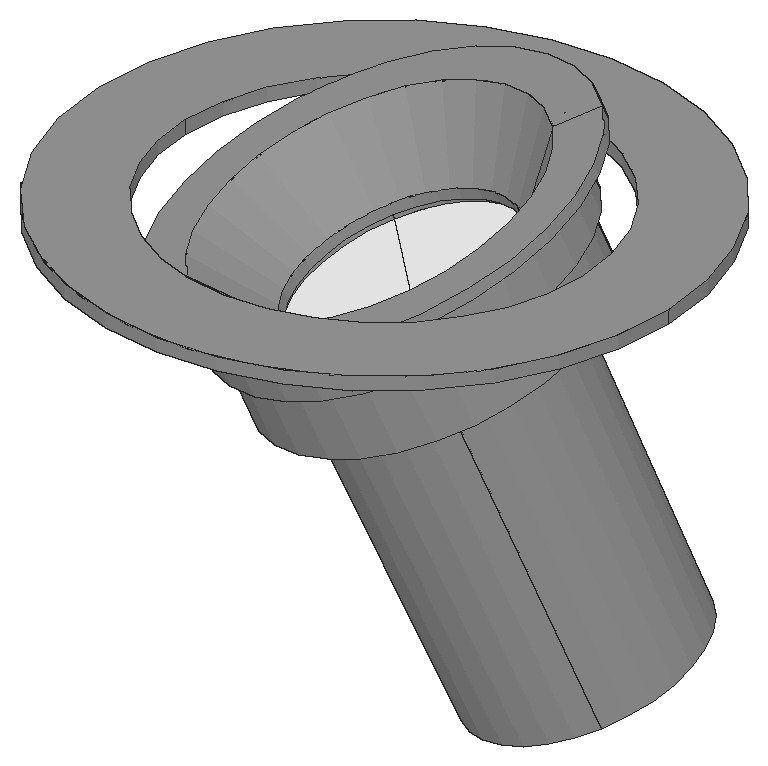
Revit family "0005316", category Lighting Fixtures, host Face, Revit 2017
Family settings
  Host = Face
  Round Connector Dimension = Use Diameter
  Part Type = Normal
  OmniClass Number = 23.80.70.00
  OmniClass Title = Lighting
  Cut with Voids When Loaded = No
  Light Source = No
  Shared = No
  Room Calculation Point = No
Parameters (values of type "0005316+0005301 Ludospot 50 Hous Rnd 110 Tilt WHT BLK+ Ludospot 50 950lm 930 NB DIM")
  Weight = "n/a"
  Wattage Comments = ""
  WarrantyStartDate [instance] = "n/a"
  WarrantyGuarantorParts = "n/a"
  WarrantyDurationUnit = "n/a"
  WarrantyDurationParts = "n/a"
  WarrantyDescription = "n/a"
  WallThickness_SYL = 2 mm
  Voltage = 0 V
  VerticalRotationMid_SYL [instance] = 112.00°
  URL = "http://www.sylvania-lighting.com"
  TypeName = "Ludospot 50 Hous Rnd 110 Tilt WHT BLK + Ludospot 50 950lm 930 NB DIM"
  TypeLamp_SYL = Ludospot 50 Modules : 0005301 Ludospot 50 950lm 930 NB DIM
  Type Image = <None>
  Type Comments = "n/a"
  TrimWidth_SYL = 55 mm
  TrimHeight_SYL = 2.5 mm
  SerialNumber [instance] = "n/a"
  RecessWidth_SYL = 45 mm
  RecessDepth_SYL = 100 mm
  RadiusTrim_SYL = 3 mm
  Material_3_SYL = none
  PowerFactor = 0
  PowerConsumption = "n/a"
  NominalLength = 110 mm
  NominalHeight = 0 mm
  NominalDepth = 110 mm
  Name = "Ludospot 50 Hous Rnd 110 Tilt WHT BLK + Ludospot 50 950lm 930 NB DIM"
  ModelReference = Name  # "Ludospot 50 Hous Rnd 110 Tilt WHT BLK + Ludospot 50 950lm 930 NB DIM"
  ModelNumber = "0005316+0005301"
  Model = Name  # "Ludospot 50 Hous Rnd 110 Tilt WHT BLK + Ludospot 50 950lm 930 NB DIM"
  Material = "aluminium housing"
  ManufacturerName = "Feilo Sylvania"
  Manufacturer = "Feilo Sylvania"
  LuminousEfficacy = "n/a"
  LuminaireType = ""
  LightOutputRatio = "n/a"
  LampsType = Lamp  # "LED"
  LampNominalLuminous = "n/a"
  LampMacAdamStep = "n/a"
  LampColourTemperature = "n/a"
  LampColourRenderingIndex = "n/a"
  Lamp = "LED"
  Keynote = "16500"
  InstallationDate [instance] = "n/a"
  InputVoltage = "n/a"
  InputNominalFrequency = "n/a"
  IngressProtection = "IP20"
  ImpactProtectionIndex = "IK03"
  IfcExportType = "IfcLightFixtureType"
  IfcExportAs = "IfcLightFixtureType"
  HorizontalRotationMid_SYL [instance] = 315.00°
  HoleDist_SYL = 220 mm
  EndAngleMid_SYL [instance] = HorizontalRotationMid_SYL + 180.00°  # 495.00°
  ElectricShockClassification = "n/a"
  DocumentationLiterature = "http://www.sylvania-lighting.com/product/en-int/products/0005316"
  DimmingControlOptions = "n/a"
  Material_2_SYL = none
  Description = ""
  Default Elevation = 1219.2 mm
  CreatedOn = "7/29/2019"
  CreatedBy = "@sylvania-lighting.com"
  Cost = 0
  built-in parameter 1114216 [instance] = (empty or 0)
  ClassificationValue = "EF_70_80"
  ClassificationName = "Uniclass2015"
  Material_1_SYL = PC/ABS Plastic
  CircularCutOutDia_SYL = 38.5 mm
  BarCode [instance] = "n/a"
  AssetType = "Fixed"
  AssetIdentifier [instance] = "n/a"
  Assembly Code = "D5020200"
  Apparent Load = 0 VA
  Material_4_SYL = none
Types (6, lengths in mm): name | TypeName | TypeLamp_SYL | Name | ModelReference | ModelNumber | Model
  0005316+0005301 Ludospot 50 Hous Rnd 110 Tilt WHT BLK+ Ludospot 50 950lm 930 NB DIM | "Ludospot 50 Hous Rnd 110 Tilt WHT BLK + Ludospot 50 950lm 930 NB DIM" | Ludospot 50 Modules : 0005301 Ludospot 50 950lm 930 NB DIM | "Ludospot 50 Hous Rnd 110 Tilt WHT BLK + Ludospot 50 950lm 930 NB DIM" | "Ludospot 50 Hous Rnd 110 Tilt WHT BLK + Ludospot 50 950lm 930 NB DIM" | "0005316+0005301" | "Ludospot 50 Hous Rnd 110 Tilt WHT BLK + Ludospot 50 950lm 930 NB DIM"
  0005316+0005302 Ludospot 50 Hous Rnd 110 Tilt WHT BLK+ Ludospot 50 990lm 940 NB DIM | "Ludospot 50 Hous Rnd 110 Tilt WHT BLK + Ludospot 50 990lm 940 NB DIM" | Ludospot 50 Modules : 0005302 Ludospot 50 990lm 930 NB DIM | "Ludospot 50 Hous Rnd 110 Tilt WHT BLK + Ludospot 50 990lm 940 NB DIM" | "Ludospot 50 Hous Rnd 110 Tilt WHT BLK + Ludospot 50 990lm 940 NB DIM" | "0005316+0005302" | "Ludospot 50 Hous Rnd 110 Tilt WHT BLK + Ludospot 50 990lm 940 NB DIM"
  0005316+0005303 Ludospot 50 Hous Rnd 110 Tilt WHT BLK+ Ludospot 50 950lm 930 MB DIM | "Ludospot 50 Hous Rnd 110 Tilt WHT BLK + Ludospot 50 950lm 930 MB DIM" | Ludospot 50 Modules : 0005303 Ludospot 50 950lm 930 MB DIM | "Ludospot 50 Hous Rnd 110 Tilt WHT BLK + Ludospot 50 950lm 930 MB DIM" | "Ludospot 50 Hous Rnd 110 Tilt WHT BLK + Ludospot 50 950lm 930 MB DIM" | "0005316+0005303" | "Ludospot 50 Hous Rnd 110 Tilt WHT BLK + Ludospot 50 950lm 930 MB DIM"
  0005316+0005304 Ludospot 50 Hous Rnd 110 Tilt WHT BLK+ Ludospot 50 1000lm 940 MB DIM | "Ludospot 50 Hous Rnd 110 Tilt WHT BLK + Ludospot 50 1000lm 940 MB DIM" | Ludospot 50 Modules : 0005304 Ludospot 50 1000lm 940 MB DIM | "Ludospot 50 Hous Rnd 110 Tilt WHT BLK + Ludospot 50 1000lm 940 MB DIM" | "Ludospot 50 Hous Rnd 110 Tilt WHT BLK + Ludospot 50 1000lm 940 MB DIM" | "0005316+0005304" | "Ludospot 50 Hous Rnd 110 Tilt WHT BLK + Ludospot 50 1000lm 940 MB DIM"
  0005316+0005305 Ludospot 50 Hous Rnd 110 Tilt WHT BLK+ Ludospot 50 920lm 930 WB DIM | "Ludospot 50 Hous Rnd 110 Tilt WHT BLK + Ludospot 50 920lm 930 WB DIM" | Ludospot 50 Modules : 0005305 Ludospot 50 920lm 940 WB DIM | "Ludospot 50 Hous Rnd 110 Tilt WHT BLK + Ludospot 50 920lm 930 WB DIM" | "Ludospot 50 Hous Rnd 110 Tilt WHT BLK + Ludospot 50 920lm 930 WB DIM" | "0005316+0005305" | "Ludospot 50 Hous Rnd 110 Tilt WHT BLK + Ludospot 50 920lm 930 WB DIM"
  0005316+0005306 Ludospot 50 Hous Rnd 110 Tilt WHT BLK+ Ludospot 50 940lm 940 WB DIM | "Ludospot 50 Hous Rnd 110 Tilt WHT BLK + Ludospot 50 940lm 940 WB DIM" | Ludospot 50 Modules : 0005306 Ludospot 50 940lm 940 WB DIM | "Ludospot 50 Hous Rnd 110 Tilt WHT BLK + Ludospot 50 940lm 940 WB DIM" | "Ludospot 50 Hous Rnd 110 Tilt WHT BLK + Ludospot 50 940lm 940 WB DIM" | "0005316+0005306" | "Ludospot 50 Hous Rnd 110 Tilt WHT BLK + Ludospot 50 940lm 940 WB DIM"
Reference planes
  plane 1 "Center (Front/Back)": y = 0
  plane 2: z = 0
  plane 3 "Center (Left/Right)": x = 0
  plane 4: z = -100
  plane 5: z = 2.5
  plane 6: z = 2.5
  plane 7: z = -18.5
  plane 8: z = -3.5
Forms (mm)
  Extrusion 1, void
    sketch origin (0, 0, 0) x (1, 0, 0) y (0, 1, 0)
      loop
        circle (0, 0) r 45
    from 0 to -100
  Extrusion 2, solid, material "PC/ABS Plastic" <- "Material_1_SYL"
    sketch origin (0, 0, 0) x (1, 0, 0) y (0, 1, 0)
      loop
        circle (0, 0) r 55
    from 0 to 2.5
  Extrusion 3, void
    sketch origin (1223.4, -4572, 2.5) x (-1, 0, 0) y (0, -1, 0)
      loop
        circle (1223.4, -4572) r 38.5
    from 0 to -21
  Revolve 4, solid, not visible
    sketch origin (0, 0, 0) x (1, 0, 0) y (0, 0, 1)
      loop
        line (0, -18.5) -> (0, -28.5) -> (5, -28.5) -> (5, -18.5) -> (0, -18.5)
      axis (0, -18.5) -> (0, -28.5)
    angle from 315 <- "HorizontalRotationMid_SYL" to 495 <- "EndAngleMid_SYL"
Cuts and joins
  Extrusion 3 cuts Extrusion 2
Lines and regions (mm)
  reference lines
    curve 1: circle (0, 0, 2.5) r 38.5 normal (0, 0, -1)
    curve 2: circle (0, 0, 2.5) r 45 normal (0, 0, -1)
    curve 3: circle (0, 0, 2.5) r 55 normal (0, 0, -1)
Dimensions and locks
  "RecessDepth_SYL": plane 2 to plane 4
  "TrimHeight_SYL": plane 5 to plane 2
  locked: plane 6 to plane 8 at 6
  equal spacing: host sketch curve, plane 1 "Center (Front/Back)", host sketch curve
  equal spacing: host sketch curve, plane 3 "Center (Left/Right)", host sketch curve
  "CircularCutOutDia_SYL": radius of curve 1
  "RecessWidth_SYL": radius of curve 2
  "TrimWidth_SYL": radius of curve 3
  aligned and locked: plane 2 to host face
  aligned and locked: level to host face
  aligned and locked: level to Extrusion 1
  aligned and locked: plane 4 to Extrusion 1
  aligned and locked: plane 2 to Extrusion 1
  aligned and locked: Extrusion 2 to plane 5
  aligned and locked: Extrusion 2 to level
  aligned and locked: Extrusion 3 to plane 6
  aligned and locked: plane 7 to Extrusion 3
  aligned and locked: Extrusion 3 sketch curve to curve 1
  aligned and locked: plane 7 to Revolve 4 sketch curve
  aligned and locked: plane 3 "Center (Left/Right)" to Revolve 4 sketch curve
  aligned and locked: Revolve 4 sketch curve to plane 3 "Center (Left/Right)"
  aligned and locked: plane 3 "Center (Left/Right)" to curve 2
  aligned and locked: plane 1 "Center (Front/Back)" to curve 2
  aligned and locked: Extrusion 1 sketch curve to curve 2
  aligned and locked: plane 3 "Center (Left/Right)" to curve 3
  aligned and locked: plane 1 "Center (Front/Back)" to curve 3
  aligned and locked: Extrusion 2 sketch curve to curve 3
Automatic sketch dimensions
  plane 3 "Center (Left/Right)" to Revolve 4 sketch curve = 5 mm
  plane 7 to Revolve 4 sketch curve = 10 mm
  plane 4 to Revolve 4 sketch curve = 509.6 mm
  Revolve 4 sketch curve to plane 5 = 2606.558 mm
  curve 1 to curve 2 = 0 mm  (x2)
Nested families
  nested 1: "VerticalRotation" at (0, 0, -3.5) x (-0.7071, 0.7071, 0) z (-0.7071, -0.7071, 0), VerticalRotation_SYL <- "VerticalRotationMid_SYL", type "Type Name", not visible
    with VerticalRotation_SYL 112.00°, EndAngleV_SYL 292.00°
  nested 2: "Dial" at (0, 0, -3.5) x (0.6556, 0.6556, 0.3746) z (0.2649, 0.2649, -0.9272), type "Type Name"
  nested 3: "Ludospot 50 Modules" at (2.384, 2.384, -11.845) x (0.7071, -0.7071, 0) z (-0.2649, -0.2649, 0.9272), type <- "TypeLamp_SYL", type "0005301 Ludospot 50 950lm 930 NB DIM"
    with WarrantyStartDate "n/a", SerialNumber "n/a", InstallationDate "n/a", built-in parameter 1114216 (empty or 0), BarCode "n/a", AssetIdentifier "n/a"
Definition of nested family "VerticalRotation"
  Parameters (values of type "Type Name")
    VerticalRotation_SYL [instance] = 0.00°
    URL = "http://www.sylvania-lighting.com"
    Type Image = (empty or 0)
    Type Comments = "n/a"
    Material_3_SYL = none
    Model = ""
    Manufacturer = "Feilo Sylvania"
    Keynote = ""
    Material_2_SYL = none
    EndAngleV_SYL [instance] = VerticalRotation_SYL + 180.00°  # 180.00°
    Description = ""
    Default Elevation = 1219.2 mm
    Cost = 0
    Material_1_SYL = none
    Assembly Code = ""
    Material_4_SYL = none
  Reference planes
    plane 1 "Center (Front/Back)": y = 0
    plane 2: z = 0
    plane 3 "Center (Left/Right)": x = 0
  Forms (mm)
    Extrusion 1, solid
      sketch origin (4.2, 0, 0) x (1, 0, 0) y (0, 1, 0)
        loop
          line (-1219.2, 1219.2) -> (-1219.2, -1219.2) -> (1219.2, -1219.2) -> (1219.2, 1219.2) -> (-1219.2, 1219.2)
      from 0 to -68.017
    Revolve 2, solid
      sketch origin (0, 0, 0) x (1, 0, 0) y (0, 1, 0)
        loop
          line (0, 0) -> (25, 0) -> (25, 10) -> (0, 10) -> (0, 0)
        axis (25, 0) -> (0, 0)
      angle from 0 <- "VerticalRotation_SYL" to 180 <- "EndAngleV_SYL"
  Dimensions and locks
    aligned and locked: plane 2 to Extrusion 1
    aligned and locked: level to Extrusion 1
    aligned and locked: Revolve 2 sketch curve to plane 1 "Center (Front/Back)"
Definition of nested family "Dial"
  Parameters (values of type "Type Name")
    URL = "http://www.sylvania-lighting.com"
    Type Image = (empty or 0)
    Type Comments = "n/a"
    Material_3_SYL = none
    Model = ""
    Manufacturer = "Feilo Sylvania"
    Keynote = ""
    Material_2_SYL = none
    Description = ""
    Default Elevation = 1219.2 mm
    Cost = 0
    Material_1_SYL = none
    Assembly Code = ""
    Material_4_SYL = none
  Reference planes
    plane 1 "Center (Front/Back)": y = 0
    plane 2: z = 0
    plane 3 "Center (Left/Right)": x = 0
    plane 4: x = -38.2
    plane 5: x = -30
    plane 6: x = -20
    plane 7: x = -25
    plane 8: z = 7
    plane 9: z = 9
    plane 10: z = 20
    plane 11: z = -6
    plane 12: x = -32.5
    plane 13: z = -4
  Forms (mm)
    Extrusion 1, solid
      sketch origin (4.2, 0, 0) x (1, 0, 0) y (0, 1, 0)
        loop
          line (-1219.2, 1219.2) -> (-1219.2, -1219.2) -> (1219.2, -1219.2) -> (1219.2, 1219.2) -> (-1219.2, 1219.2)
      from 0 to -68.017
    Revolve 2, solid, material <- "Material_1_SYL"
      sketch origin (0, 0, 0) x (1, 0, 0) y (0, 0, 1)
        loop
          line (-25, 20) -> (-30, 20) -> (-30, 7) -> (-32.5, 7) -> (-32.5, -4) -> (-38.2, -4) -> (-38.2, -6) -> (-30, -6) -> (-20, 7) -> (-20, 9) -> (-25, 9) -> (-25, 20)
        axis (0, 20) -> (0, -6)
      angle from 360 to 0
  Dimensions and locks
    locked: plane 2 to plane 11 at 6
    locked: plane 9 to plane 11 at 15
    locked: plane 9 to plane 8 at 2
    locked: plane 10 to plane 11 at 26
    locked: plane 3 "Center (Left/Right)" to plane 4 at 38.2
    locked: plane 3 "Center (Left/Right)" to plane 5 at 30
    locked: plane 3 "Center (Left/Right)" to plane 7 at 25
    locked: plane 3 "Center (Left/Right)" to plane 6 at 20
    locked: plane 3 "Center (Left/Right)" to plane 12 at 32.5
    locked: plane 13 to plane 11 at 2
    aligned and locked: plane 2 to Extrusion 1
    aligned and locked: level to Extrusion 1
    aligned and locked: Revolve 2 sketch curve to plane 3 "Center (Left/Right)"
    aligned and locked: plane 7 to Revolve 2 sketch curve  (x2)
    aligned and locked: Revolve 2 sketch curve to plane 10
    aligned and locked: Revolve 2 sketch curve to plane 5
    aligned and locked: plane 11 to Revolve 2 sketch curve  (x2)
    aligned and locked: Revolve 2 sketch curve to plane 4
    aligned and locked: plane 6 to Revolve 2 sketch curve  (x2)
    aligned and locked: Revolve 2 sketch curve to plane 9
    aligned and locked: plane 12 to Revolve 2 sketch curve
    aligned and locked: plane 8 to Revolve 2 sketch curve
Definition of nested family "Ludospot 50 Modules"
  Parameters (values of type "0005305 Ludospot 50 920lm 940 WB DIM")
    Weight = ""
    Wattage Comments = ""
    Wattage = 12 W
    WarrantyStartDate [instance] = "n/a"
    WarrantyGuarantorParts = "n/a"
    WarrantyDurationUnit = "n/a"
    WarrantyDurationParts = "n/a"
    WarrantyDescription = "n/a"
    built-in parameter 1150110 = 1 (stored number, unit not read)
    Voltage = 220 V
    URL = "http://www.sylvania-lighting.com"
    TypeName = "Ludospot 50 920lm 940 WB DIM"
    Type Image = (empty or 0)
    Type Comments = "n/a"
    built-in parameter 1114217 = 1 (stored number, unit not read)
    Tilt Angle = -90.00°
    built-in parameter 1150109 = 1 (stored number, unit not read)
    built-in parameter 1150134 = (empty or 0)
    built-in parameter 1150113 = 1 (stored number, unit not read)
    SerialNumber [instance] = "n/a"
    Photometric Web File = "0005305.ies"
    Material_3_SYL = none
    PowerFactor = 0.9
    PowerConsumption = "12 W"
    NominalLength = 50 mm
    NominalHeight = 73 mm
    NominalDepth = 50 mm
    Name = "0005305 Ludospot 50 920lm 940 WB DIM"
    ModelReference = Name  # "0005305 Ludospot 50 920lm 940 WB DIM"
    ModelNumber = "0005305"
    Model = Name  # "0005305 Ludospot 50 920lm 940 WB DIM"
    Material = "aluminium housing"
    ManufacturerName = "Feilo Sylvania"
    Manufacturer = "Feilo Sylvania"
    LuminousEfficacy = "77 lm/W"
    built-in parameter 1150105 = 73.53 (stored number, unit not read)
    Lumens = 924 lm
    LuminaireType = ""
    built-in parameter 1150115 = 1 (stored number, unit not read)
    LightOutputRatio = ""
    built-in parameter 1150137 = (empty or 0)
    built-in parameter 1150139 = (empty or 0)
    LampsType = Lamp  # "LED"
    LampNominalLuminous = "920 lm"
    LampMacAdamStep = "3"
    LampColourTemperature = "3000 K"
    LampColourRenderingIndex = "90"
    built-in parameter 1150112 = 1 (stored number, unit not read)
    built-in parameter 1150114 = 1 (stored number, unit not read)
    Lamp = "LED"
    Keynote = "16500"
    InstallationDate [instance] = "n/a"
    InputVoltage = "220-240 V AC"
    InputNominalFrequency = "50/60 HZ"
    built-in parameter 1150132 = (empty or 0)
    built-in parameter 1150102 = (empty or 0)
    built-in parameter 1150107 = 3000 (stored number, unit not read)
    built-in parameter 1150138 = (empty or 0)
    IngressProtection = "IP44/20"
    ImpactProtectionIndex = "IK07"
    built-in parameter 1150106 = 0.7353 (stored number, unit not read)
    IfcExportType = "IfcLightFixtureType"
    IfcExportAs = "IfcLightFixtureType"
    Emit from Circle Diameter = 40 mm
    Emit Shape Visible in Rendering = no
    ElectricShockClassification = "Class II"
    built-in parameter 1150104 = 7.1535 (stored number, unit not read)
    DocumentationLiterature = "https://www.sylvania-lighting.com/product/en-int/products/0005305/"
    DimmingControlOptions = "Mains: leading / trailing edge"
    Material_2_SYL = none
    Dimming Lamp Color Temperature Shift = (empty or 0)
    Description = ""
    Default Elevation = 1219.2 mm
    CreatedOn = ""
    CreatedBy = ""
    Cost = 0
    Color Filter = 16777215
    built-in parameter 1114216 [instance] = (empty or 0)
    ClassificationValue = "EF_70_80"
    ClassificationName = "Uniclass2015"
    Material_1_SYL = none
    BarCode [instance] = "n/a"
    built-in parameter 1114218 = 1 (stored number, unit not read)
    built-in parameter 1150133 = 10 (stored number, unit not read)
    AssetType = ""
    AssetIdentifier [instance] = "n/a"
    Assembly Code = "D5020200"
    Apparent Load = 12 VA
    Material_4_SYL = none
  Types (6, lengths in mm): name | TypeName | built-in parameter 1150134 | Photometric Web File | Name | ModelReference | ModelNumber | Model | LuminousEfficacy | built-in parameter 1150105 | Lumens | LampNominalLuminous | LampColourTemperature | built-in parameter 1150107 | ImpactProtectionIndex | built-in parameter 1150106 | built-in parameter 1150104 | DocumentationLiterature
    0005305 Ludospot 50 920lm 940 WB DIM | "Ludospot 50 920lm 940 WB DIM" | (empty or 0) | "0005305.ies" | "0005305 Ludospot 50 920lm 940 WB DIM" | "0005305 Ludospot 50 920lm 940 WB DIM" | "0005305" | "0005305 Ludospot 50 920lm 940 WB DIM" | "77 lm/W" | 73.53 (stored number, unit not read) | 924 lm | "920 lm" | "3000 K" | 3000 (stored number, unit not read) | "IK07" | 0.7353 (stored number, unit not read) | 7.1535 (stored number, unit not read) | "https://www.sylvania-lighting.com/product/en-int/products/0005305/"
    0005304 Ludospot 50 1000lm 940 MB DIM | "Ludospot 50 1000lm 940 MB DIM" | 12 | "0005304.ies" | "0005304 Ludospot 50 1000lm 940 MB DIM" | "0005304 Ludospot 50 1000lm 940 MB DIM" | "0005304" | "0005304 Ludospot 50 1000lm 940 MB DIM" | "83 lm/W" | 79.259 (stored number, unit not read) | 996 lm | "950 lm" | "4000 K" | 4000 (stored number, unit not read) | "IK06" | 0.79259 (stored number, unit not read) | 7.711 (stored number, unit not read) | "https://www.sylvania-lighting.com/product/en-int/products/0005304/"
    0005303 Ludospot 50 950lm 930 MB DIM | "Ludospot 50 950lm 930 MB DIM" | (empty or 0) | "0005303.ies" | "0005303 Ludospot 50 950lm 930 MB DIM" | "0005303 Ludospot 50 950lm 930 MB DIM" | "0005303" | "0005303 Ludospot 50 950lm 930 MB DIM" | "80 lm/W" | 76.394 (stored number, unit not read) | 960 lm | "1000 lm" | "3000 K" | 3000 (stored number, unit not read) | "IK05" | 0.76394 (stored number, unit not read) | 7.4322 (stored number, unit not read) | "https://www.sylvania-lighting.com/product/en-int/products/0005303/"
    0005302 Ludospot 50 990lm 930 NB DIM | "Ludospot 50 990lm 930 NB DIM" | 12 | "0005302.ies" | "0005302 Ludospot 50 990lm 930 NB DIM" | "0005302 Ludospot 50 990lm 930 NB DIM" | "0005302" | "0005302 Ludospot 50 990lm 930 NB DIM" | "83 lm/W" | 79.259 (stored number, unit not read) | 996 lm | "990 lm" | "4000 K" | 4000 (stored number, unit not read) | "IK04" | 0.79259 (stored number, unit not read) | 7.711 (stored number, unit not read) | "https://www.sylvania-lighting.com/product/en-int/products/0005302/"
    0005301 Ludospot 50 950lm 930 NB DIM | "Ludospot 50 950lm 930 NB DIM" | (empty or 0) | "0005301.ies" | "0005301 Ludospot 50 950lm 930 NB DIM" | "0005301 Ludospot 50 950lm 930 NB DIM" | "0005301" | "0005301 Ludospot 50 950lm 930 NB DIM" | "80 lm/W" | 76.394 (stored number, unit not read) | 960 lm | "950 lm" | "3000 K" | 3000 (stored number, unit not read) | "IK03" | 0.76394 (stored number, unit not read) | 7.4322 (stored number, unit not read) | "https://www.sylvania-lighting.com/product/en-int/products/0005301/"
    0005306 Ludospot 50 940lm 940 WB DIM | "Ludospot 50 940lm 940 WB DIM" | 12 | "0005306.ies" | "0005306 Ludospot 50 940lm 940 WB DIM" | "0005306 Ludospot 50 940lm 940 WB DIM" | "0005306" | "0005306 Ludospot 50 940lm 940 WB DIM" | "78 lm/W" | 74.485 (stored number, unit not read) | 936 lm | "940 lm" | "4000 K" | 4000 (stored number, unit not read) | "IK08" | 0.74485 (stored number, unit not read) | 7.2464 (stored number, unit not read) | "https://www.sylvania-lighting.com/product/en-int/products/0005306/"
  Reference planes
    plane 1 "Center (Front/Back)": y = 0
    plane 2: z = 0
    plane 3 "Center (Left/Right)": x = 0
    plane 4: x = -25
    plane 5: z = -2.7
    plane 6: x = -23.6
    plane 7: z = -3.7
    plane 8: z = -12.7
    plane 9: z = -25.7
    plane 10: x = -22
    plane 11: z = -73
    plane 12: x = -21
    plane 13: z = -1.3
  Forms (mm)
    Extrusion 1, solid
      sketch origin (4.2, 0, 0) x (1, 0, 0) y (0, 1, 0)
        loop
          line (-1219.2, 1219.2) -> (-1219.2, -1219.2) -> (1219.2, -1219.2) -> (1219.2, 1219.2) -> (-1219.2, 1219.2)
      from 0 to -68.017
    Revolve 2, solid, material <- "Material_1_SYL"
      sketch origin (0, 0, 0) x (1, 0, 0) y (0, 0, 1)
        loop
          line (-25, 0) -> (-25, -2.7) -> (-23.6, -2.7) -> (-23.6, -3.7) -> (-22, -12.7) -> (-21, -73) -> (0, -73) -> (0, -1.3) -> (-21, -1.3) -> (-21, 0) -> (-25, 0)
        axis (0, 0) -> (0, -73)
      angle from 360 to 0
  Dimensions and locks
    locked: plane 3 "Center (Left/Right)" to plane 4 at 25
    locked: plane 3 "Center (Left/Right)" to plane 6 at 23.6
    locked: plane 7 to plane 8 at 9
    locked: plane 3 "Center (Left/Right)" to plane 10 at 22
    locked: plane 2 to plane 11 at 73
    locked: plane 3 "Center (Left/Right)" to plane 12 at 21
    plane 2 to plane 13 to plane 5 to plane 7 = 1.3 mm locked, 1.4 mm locked, 1 mm locked
    aligned and locked: plane 2 to Extrusion 1
    aligned and locked: level to Extrusion 1
    aligned and locked: Revolve 2 sketch curve to plane 4
    aligned and locked: plane 5 to Revolve 2 sketch curve
    aligned and locked: Revolve 2 sketch curve to plane 6
    aligned and locked: plane 8 to Revolve 2 sketch curve
    aligned and locked: plane 12 to Revolve 2 sketch curve  (x2)
    aligned and locked: plane 11 to Revolve 2 sketch curve
    aligned and locked: plane 3 "Center (Left/Right)" to Revolve 2 sketch curve
    aligned and locked: Revolve 2 sketch curve to level
    aligned and locked: plane 13 to Revolve 2 sketch curve  (x2)
    aligned and locked: Revolve 2 sketch curve to plane 12
    aligned and locked: level to imposter light
    aligned and locked: plane 3 "Center (Left/Right)" to imposter light
    aligned and locked: imposter light to plane 1 "Center (Front/Back)"
  Connectors
    electrical at (0, 0, -73), driven by "PowerFactor", driven by "Voltage", driven by "Apparent Load"
      settings: on Revolve 2, index 1, voltage 220 V, apparent load 12 VA, apparent load phase1 0 VA, apparent load phase2 0 VA, apparent load phase3 0 VA, power factor 0.9, load classification none, number of poles 1, system type 30, power factor state 1, is connector primary yes, connector utility no, sub classification motor no, connector description ""
